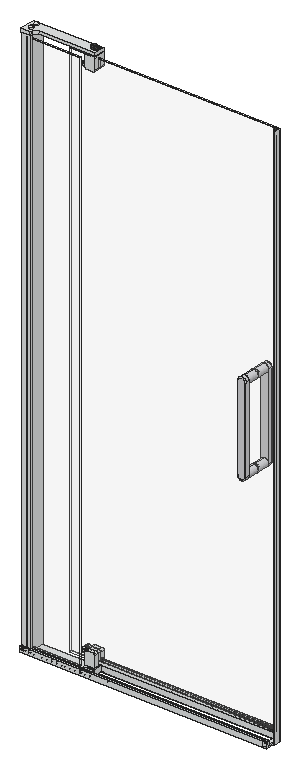
Revit family "Shower-Shower_Door-KOHLER-Revel-K-707501_1", category Specialty Equipment, host Face, Revit 2022 (continued)
Definition of nested family "K-707501"
  Automatic sketch dimensions
    curve 143 to curve 144 = 0"  (x2)
    curve 143 to curve 145 = 0"  (x2)
    curve 143 to curve 146 = 0"  (x2)
    curve 144 to curve 145 = 0"  (x2)
    curve 144 to curve 146 = 0"  (x2)
    curve 145 to curve 146 = 0"  (x2)
    curve 80 to plane 4 = 0"
    curve 74 to plane 14 = 0"
    plane 1 "Center (Front/Back)" to curve 94 = 0"
    curve 75 to plane 14 = 0"
    curve 78 to plane 27 = 0"
    curve 147 to plane 27 = 0"
    plane 15 to curve 135 = 0"
    plane 15 to curve 136 = 0"
    curve 150 to plane 29 = 0"
    curve 159 to plane 31 = 0"
    curve 153 to plane 30 = 0"
    curve 161 to plane 30 = 0"
    curve 152 to plane 30 = 0"
    plane 15 to curve 150 = 0"
    plane 19 "A" to curve 131 = 0.03673"
    plane 18 to curve 131 = 0.13423"
    plane 20 "B" to curve 116 = 0.03673"
    plane 18 to curve 116 = 0.13423"
    plane 18 to curve 128 = 0.03673"
    plane 18 to curve 123 = 0.03673"
    plane 18 to curve 108 = 0.03673"
    plane 18 to curve 119 = 0.03673"
    curve 118 to plane 18 = 0.03673"
    curve 109 to plane 18 = 0.03673"
    curve 130 to plane 18 = 0.03673"
    curve 124 to plane 18 = 0.03673"
    curve 125 to plane 19 "A" = 0.03673"
    curve 122 to curve 125 = 0.0975"
    plane 20 "B" to curve 112 = 0.03673"
    curve 110 to curve 112 = 0.0975"
    curve 81 to curve 81 = 0.09093"
    curve 85 to plane 5 = 61/256"
    curve 84 to plane 5 = 0.03"
    curve 83 to plane 5 = 0.03"
    plane 1 "Center (Front/Back)" to curve 102 = 0.02884"
    plane 5 to curve 102 = 0.76063"
    plane 20 "B" to curve 141 = 0.16284"
    curve 102 to curve 141 = 0.04852"
    curve 102 to curve 96 = 0.09966"
    curve 102 to curve 104 = 0.09966"
    curve 141 to curve 143 = 0.07988"
    curve 96 to curve 140 = 0.02874"
    curve 140 to curve 94 = 0.0001"
    curve 95 to curve 103 = 0.02884"
    curve 140 to curve 100 = 0.02895"
    plane 1 "Center (Front/Back)" to curve 103 = 0.02884"
    curve 103 to curve 103 = 0.09966"
    plane 1 "Center (Front/Back)" to curve 142 = 0.04856"
    curve 142 to plane 27 = 0.23277"
    curve 157 to plane 31 = 0.03365"
    plane 31 to curve 158 = 0.01322"
    plane 31 to curve 156 = 0.02423"
    curve 156 to curve 154 = 0.00633"
    curve 155 to curve 153 = 0.05885"
    plane 31 to curve 155 = 0.08389"
    plane 1 "Center (Front/Back)" to curve 160 = 0.00425"
    curve 155 to curve 160 = 0.02009"
    plane 31 to curve 162 = 0.15086"
    curve 163 to curve 163 = 0.02441"
    curve 148 to plane 30 = 0.05767"
    curve 147 to plane 30 = 0.05767"
    curve 80 to curve 79 = 0.1652"
    curve 84 to plane 15 = 0.4581"
    curve 84 to curve 85 = 0.11575"
    curve 130 to curve 129 = 0.0975"
    plane 19 "A" to curve 130 = 0.03673"
    curve 127 to plane 19 "A" = 0.03673"
    curve 120 to curve 121 = 0.0975"
    plane 1 "Center (Front/Back)" to curve 162 = 0.18411"
    curve 163 to curve 148 = 0.02361"
    curve 104 to curve 104 = 0.09966"
    curve 101 to plane 1 "Center (Front/Back)" = 0.02884"
    curve 96 to plane 1 "Center (Front/Back)" = 0.02884"
    curve 96 to curve 140 = 0.00248"
    curve 155 to plane 1 "Center (Front/Back)" = 0.09118"
    curve 99 to curve 97 = 0.09966"
    curve 155 to curve 154 = 0.06544"
    curve 154 to curve 156 = 0.00927"
    curve 111 to plane 20 "B" = 0.13423"
    curve 158 to plane 20 "B" = 0.03683"
    curve 114 to plane 20 "B" = 0.03673"
    curve 119 to plane 20 "B" = 0.03673"
    curve 158 to curve 157 = 0.0175"
    curve 108 to curve 108 = 0.0975"
    curve 141 to curve 144 = 0.00699"
    curve 88 to curve 81 = 0.00607"
    plane 5 to curve 87 = 0.27052"
    plane 5 to curve 74 = 0.38638"
    curve 94 to curve 102 = 0.2311"
    curve 92 to curve 102 = 0.08693"
    plane 20 "B" to curve 141 = 0.01706"
    curve 74 to curve 141 = 0.00276"
    curve 140 to curve 141 = 0"
    curve 143 to curve 141 = 0.01712"
    curve 141 to curve 144 = 0.00256"
    curve 146 to curve 75 = 0.02854"
    plane 1 "Center (Front/Back)" to curve 142 = 0.13925"
    curve 75 to plane 27 = 0.1683"
    curve 89 to plane 27 = 0.04478"
    curve 135 to plane 19 "A" = 0.21563"
    curve 135 to plane 6 "K" = 0.49213"
    curve 132 to plane 20 "B" = 0.11924"
    curve 132 to plane 6 "K" = 0.49213"
    curve 138 to plane 6 "K" = 0.49213"
    plane 6 "K" to curve 136 = 0.49213"
    curve 134 to curve 136 = 0"
    plane 6 "K" to curve 138 = 0.49213"
    curve 156 to plane 29 = 0.05792"
    curve 156 to curve 139 = 0.00498"
    curve 163 to curve 161 = 0.0027"
    plane 30 to curve 162 = 0.01307"
    curve 136 to curve 137 = 0.05765"
    curve 137 to curve 151 = 0.2007"
    curve 151 to curve 152 = 0.06438"
    curve 87 to curve 90 = 0.123"
    curve 89 to curve 87 = 0.11678"
    curve 162 to plane 19 "A" = 0.03474"
    curve 162 to curve 161 = 0.0941"
    curve 77 to curve 148 = 0.17575"
    curve 150 to plane 19 "A" = 0.21563"
    curve 136 to plane 19 "A" = 0.21563"
    curve 76 to curve 148 = 0.06517"
    curve 76 to plane 14 = 0.19046"
    curve 133 to plane 14 = 0.19046"
    curve 134 to plane 14 = 0.19046"
    plane 12 to curve 138 = 0.51403"
    curve 35 to curve 36 = 0"  (x2)
    plane 4 to curve 3 = 0"
    plane 4 to curve 5 = 0"
    curve 1 to plane 7 = 0"
    curve 4 to plane 16 = 0"
    curve 4 to plane 17 = 0"
    curve 3 to plane 8 = 0"
    curve 14 to plane 21 "C" = 0"
    curve 6 to plane 5 = 0"
    curve 5 to plane 5 = 0"
    curve 33 to plane 17 = 0"
    curve 13 to plane 16 = 0"
    curve 20 to plane 8 = 0"
    curve 23 to plane 7 = 0"
    curve 34 to plane 17 = 0"
    curve 15 to plane 16 = 0"
    curve 166 to plane 22 = 0"
    curve 17 to plane 30 = 0"
    curve 165 to plane 30 = 0"
    curve 149 to level = 0"
    curve 149 to plane 22 = 0"
    curve 167 to level = 0"
    curve 35 to plane 9 "D" = 0"
    curve 6 to plane 17 = 0"
    curve 14 to plane 5 = 0.03234"
    plane 9 "D" to curve 33 = 0.02692"
    plane 5 to curve 33 = 0.26228"
    curve 7 to plane 21 "C" = 0.03784"
    plane 5 to curve 7 = 0.28002"
    plane 9 "D" to curve 30 = 0.27933"
    curve 8 to curve 8 = 0.24016"
    curve 30 to plane 27 = 0.31124"
    curve 10 to plane 21 "C" = 0.03893"
    curve 10 to plane 27 = 0.28385"
    plane 9 "D" to curve 34 = 0.02692"
    plane 31 to curve 166 = 0.15086"
    plane 16 to curve 18 = 0.04195"
    plane 7 to curve 2 = 0.03277"
    plane 18 to curve 2 = 0.246"
    curve 2 to curve 1 = 0"  (x2)
    curve 1 to plane 18 = 0.246"
    curve 4 to plane 18 = 0.48083"
    curve 1 to curve 3 = 0.23863"
    plane 5 to curve 22 = 0.26706"
    curve 31 to curve 36 = 0.02188"
    plane 26 to curve 25 = 0.16051"
    plane 5 to curve 25 = 0.56409"
    plane 16 to curve 12 = 0.12358"
    curve 7 to curve 12 = 0.37288"
    curve 12 to curve 13 = 0"
    curve 25 to curve 24 = 23/256"
    curve 22 to curve 20 = 0.38688"
    curve 24 to curve 23 = 0"  (x2)
    curve 20 to curve 21 = 0"  (x2)
    curve 20 to plane 27 = 0.45049"
    curve 23 to curve 20 = 0"
    curve 13 to curve 11 = 0.40467"
    curve 13 to curve 12 = 0.00481"
    curve 24 to curve 25 = 23/256"
    curve 22 to plane 27 = 0.06361"
    curve 15 to plane 27 = 0.04478"
    curve 168 to plane 29 = 0.05794"
    curve 149 to plane 28 = 0.05484"
    curve 16 to level = 0.00013"
    curve 18 to curve 15 = 0.13054"
    plane 16 to curve 11 = 0.16295"
    curve 166 to curve 19 = 0.42563"
    plane 16 to curve 6 = 0.46758"
    curve 7 to curve 6 = 0"
    plane 21 "C" to curve 14 = 0.31068"
    curve 35 to plane 9 "D" = 0.16965"
    curve 22 to plane 8 = 0.13399"
    curve 21 to plane 8 = 0.07121"
    curve 24 to curve 25 = 0.063"
    Extrusion 1 sketch curve to level = 0"
    Extrusion 1 sketch curve to plane 15 = 0.06835"
    Extrusion 1 sketch curve to Extrusion 1 sketch curve = 0.0575"
    Extrusion 1 sketch curve to Extrusion 1 sketch curve = 0.00517"
    Extrusion 1 sketch curve to Extrusion 1 sketch curve = 0.01419"
    Extrusion 1 sketch curve to Extrusion 1 sketch curve = 0.06095"
    level to Extrusion 1 sketch curve = 1/16"
    Extrusion 1 sketch curve to plane 19 "A" = 0.24875"
    Extrusion 1 sketch curve to Extrusion 1 sketch curve = 0.0269"
    Extrusion 1 sketch curve to plane 14 = 0.11294"
    Extrusion 1 sketch curve to plane 14 = 0.10972"
    level to Extrusion 1 sketch curve = 0.0362"
    level to Extrusion 1 sketch curve = 0.1353"
    Extrusion 1 sketch curve to Extrusion 1 sketch curve = 0.18081"
    Extrusion 1 sketch curve to plane 16 = 0.14992"
    Extrusion 2 sketch curve to plane 15 = 0"
    Extrusion 2 sketch curve to plane 16 = 0"
    Extrusion 2 sketch curve to level = 0"
    Extrusion 2 sketch curve to Extrusion 2 sketch curve = 0.02565"
    Extrusion 2 sketch curve to Extrusion 2 sketch curve = 0.04849"
    Extrusion 2 sketch curve to plane 15 = 0.06835"
    Extrusion 2 sketch curve to Extrusion 2 sketch curve = 0.01986"
    Extrusion 2 sketch curve to Extrusion 2 sketch curve = 0.13"
    Extrusion 2 sketch curve to Extrusion 2 sketch curve = 0.03"
    Extrusion 2 sketch curve to Extrusion 2 sketch curve = 0.02306"
    level to Extrusion 2 sketch curve = 0.06"
    Extrusion 2 sketch curve to plane 19 "A" = 0.21563"
    Extrusion 2 sketch curve to level = 0.00012"
    Extrusion 2 sketch curve to Extrusion 2 sketch curve = 0.05002"
    Extrusion 2 sketch curve to Extrusion 2 sketch curve = 0.06012"
    Extrusion 2 sketch curve to Extrusion 2 sketch curve = 0.23886"
    Extrusion 2 sketch curve to Extrusion 2 sketch curve = 0.03927"
    Extrusion 3 sketch curve to plane 15 = 0"
    Extrusion 3 sketch curve to plane 16 = 0"
    plane 15 to Extrusion 3 sketch curve = 0.01592"
    Extrusion 3 sketch curve to Extrusion 3 sketch curve = 0.01926"
    Extrusion 3 sketch curve to plane 15 = 0.27398"
    Extrusion 3 sketch curve to Extrusion 3 sketch curve = 0.02839"
    level to Extrusion 3 sketch curve = 0.12718"
    Extrusion 3 sketch curve to Extrusion 3 sketch curve = 0.02873"
    Extrusion 3 sketch curve to Extrusion 3 sketch curve = 0.00215"
    Extrusion 3 sketch curve to Extrusion 3 sketch curve = 0.01786"
    Extrusion 3 sketch curve to Extrusion 3 sketch curve = 0.03964"
    level to Extrusion 3 sketch curve = 0.02652"
    Extrusion 3 sketch curve to plane 19 "A" = 0.24875"
    Extrusion 3 sketch curve to level = 0.00012"
    Extrusion 3 sketch curve to plane 20 "B" = 0.05137"
    Extrusion 3 sketch curve to plane 20 "B" = 0.04724"
    Extrusion 3 sketch curve to plane 20 "B" = 0.01862"
    level to Extrusion 3 sketch curve = 0.03588"
    Extrusion 3 sketch curve to Extrusion 3 sketch curve = 0.03586"
    Extrusion 3 sketch curve to Extrusion 3 sketch curve = 0.17605"
    plane 16 to Extrusion 3 sketch curve = 0.01936"
    Extrusion 4 sketch curve to plane 4 = 0"  (x3)
    Extrusion 4 sketch curve to Extrusion 4 sketch curve = 0.0602"  (x3)
    plane 18 to Extrusion 4 sketch curve = 0.07962"  (x2)
    Extrusion 4 sketch curve to plane 18 = 0.12868"
    Extrusion 4 sketch curve to Extrusion 4 sketch curve = 0.35216"
    Extrusion 4 sketch curve to plane 14 = 0.06541"
    Extrusion 4 sketch curve to plane 18 = 0.48463"
    Extrusion 4 sketch curve to Extrusion 4 sketch curve = 0.08028"
    Extrusion 4 sketch curve to plane 20 "B" = 0.05739"
    Extrusion 4 sketch curve to Extrusion 4 sketch curve = 0.06414"
    Extrusion 4 sketch curve to plane 19 "A" = 0.12285"
    Extrusion 4 sketch curve to plane 19 "A" = 0.05862"
    plane 19 "A" to Extrusion 4 sketch curve = 0.29112"
    Extrusion 4 sketch curve to Extrusion 4 sketch curve = 0.11575"
    Extrusion 4 sketch curve to plane 15 = 0.32135"
    Extrusion 4 sketch curve to Extrusion 4 sketch curve = 0.063"
    plane 18 to Extrusion 5 sketch curve = 0.07962"  (x2)
    Extrusion 5 sketch curve to plane 18 = 0.12868"
    Extrusion 5 sketch curve to plane 5 = 61/256"
    Extrusion 5 sketch curve to plane 5 = 0.03"  (x2)
    Extrusion 5 sketch curve to plane 15 = 0.4581"
    Extrusion 5 sketch curve to Extrusion 5 sketch curve = 0.11575"
    Extrusion 6 sketch curve to plane 14 = 0"
    Extrusion 6 sketch curve to plane 15 = 0.20009"
    Extrusion 6 sketch curve to plane 18 = 0.45693"
    Extrusion 6 sketch curve to Extrusion 6 sketch curve = 0.09093"
    Extrusion 6 sketch curve to Extrusion 6 sketch curve = 0.51584"
    Extrusion 6 sketch curve to Extrusion 6 sketch curve = 0.07427"
    Revolve 7 sketch curve to plane 7 = 0.10388"
    Revolve 7 sketch curve to Revolve 7 sketch curve = 0.03277"
    Revolve 7 sketch curve to Revolve 7 sketch curve = 0.17753"
    Revolve 7 sketch curve to plane 26 = 0.02929"
    Revolve 7 sketch curve to Revolve 7 sketch curve = 0.2419"
    Revolve 8 sketch curve to Revolve 8 sketch curve = 0.03277"
    Revolve 8 sketch curve to Revolve 8 sketch curve = 0.17753"
    Revolve 8 sketch curve to plane 7 = 0.10388"
    plane 26 to Revolve 8 sketch curve = 0.01062"
    Revolve 8 sketch curve to plane 26 = 0.13893"
    Extrusion 9 sketch curve to level = 0"
    Extrusion 9 sketch curve to plane 15 = 0.06835"
    Extrusion 9 sketch curve to Extrusion 9 sketch curve = 0.0575"
    Extrusion 9 sketch curve to Extrusion 9 sketch curve = 0.11628"
    Extrusion 9 sketch curve to Extrusion 9 sketch curve = 0.01"
    Extrusion 9 sketch curve to Extrusion 9 sketch curve = 0.0365"
    Extrusion 9 sketch curve to plane 16 = 0.00492"  (x2)
    Extrusion 9 sketch curve to Extrusion 9 sketch curve = 0.03091"
    Extrusion 9 sketch curve to Extrusion 9 sketch curve = 0.05911"
    Extrusion 9 sketch curve to Extrusion 9 sketch curve = 1/8"
    Extrusion 9 sketch curve to Extrusion 9 sketch curve = 0.04573"
    Extrusion 9 sketch curve to Extrusion 9 sketch curve = 0.27637"
    Extrusion 9 sketch curve to Extrusion 9 sketch curve = 0.06091"
    Extrusion 9 sketch curve to Extrusion 9 sketch curve = 0.04562"
    level to Extrusion 9 sketch curve = 1/16"
    Extrusion 9 sketch curve to plane 19 "A" = 0.24913"
    Extrusion 9 sketch curve to Extrusion 9 sketch curve = 1/32"
    Extrusion 9 sketch curve to plane 14 = 0.07674"
    level to Extrusion 9 sketch curve = 0.13559"
    level to Extrusion 9 sketch curve = 1/4"
    Extrusion 9 sketch curve to Extrusion 9 sketch curve = 0.05172"
    Extrusion 9 sketch curve to plane 16 = 0.14992"
    Extrusion 10 sketch curve to plane 21 "C" = 0.03784"
    plane 5 to Extrusion 10 sketch curve = 0.28002"
    Extrusion 10 sketch curve to Extrusion 10 sketch curve = 0.03852"
    Extrusion 10 sketch curve to Extrusion 10 sketch curve = 0.24016"
    Extrusion 10 sketch curve to plane 21 "C" = 0.03893"
    Extrusion 10 sketch curve to plane 27 = 0.28385"
    Extrusion 10 sketch curve to Extrusion 10 sketch curve = 0.03937"
    plane 16 to Extrusion 10 sketch curve = 0.16295"
    plane 1 "Center (Front/Back)" to Extrusion 11 sketch curve = 0.223"
    Extrusion 11 sketch curve to plane 20 "B" = 0.04449"
    plane 16 to Extrusion 11 sketch curve = 0.46758"
    Extrusion 11 sketch curve to plane 21 "C" = 0.5088"
    plane 5 to Extrusion 12 sketch curve = 0.29971"
    Extrusion 12 sketch curve to plane 21 "C" = 0.25831"
    Extrusion 12 sketch curve to Extrusion 12 sketch curve = 0.22047"
    Extrusion 12 sketch curve to plane 21 "C" = 0.03893"
    Extrusion 12 sketch curve to plane 27 = 0.28385"
    plane 16 to Extrusion 12 sketch curve = 0.46758"
    plane 20 "B" to Revolve 13 sketch curve = 0.069"
    plane 20 "B" to Revolve 13 sketch curve = 0.02888"
    Revolve 13 sketch curve to plane 20 "B" = 0.14723"
    Revolve 13 sketch curve to Revolve 13 sketch curve = 0.03917"  (x2)
    plane 1 "Center (Front/Back)" to Revolve 13 sketch curve = 0.097"
    Revolve 13 sketch curve to Revolve 13 sketch curve = 0.17611"
    Revolve 13 sketch curve to plane 5 = 0.03234"  (x2)
    Revolve 13 sketch curve to plane 19 "A" = 0.19948"
    Revolve 13 sketch curve to plane 5 = 0.18945"
    Revolve 13 sketch curve to Revolve 13 sketch curve = 0.1116"  (x2)
    Revolve 13 sketch curve to Revolve 13 sketch curve = 0.00353"  (x2)
    Revolve 13 sketch curve to Revolve 13 sketch curve = 0.138"
    Revolve 13 sketch curve to Revolve 13 sketch curve = 0"
    plane 5 to Extrusion 14 sketch curve = 0.48346"
    Extrusion 14 sketch curve to Extrusion 14 sketch curve = 0.10908"  (x7)
    Extrusion 14 sketch curve to Extrusion 14 sketch curve = 0.40681"
    Extrusion 14 sketch curve to Extrusion 14 sketch curve = 0"  (x2)
    plane 21 "C" to Extrusion 14 sketch curve = 0.69196"
    Extrusion 14 sketch curve to Extrusion 14 sketch curve = 0.06298"  (x6)
    Extrusion 14 sketch curve to Extrusion 14 sketch curve = 0.12596"  (x6)
    Revolve 15 sketch curve to plane 5 = 0"  (x2)
    plane 20 "B" to Revolve 15 sketch curve = 0.07592"
    plane 20 "B" to Revolve 15 sketch curve = 0.0358"
    Revolve 15 sketch curve to plane 20 "B" = 0.14031"
    Revolve 15 sketch curve to Revolve 15 sketch curve = 0.03917"  (x2)
    plane 1 "Center (Front/Back)" to Revolve 15 sketch curve = 0.09007"
    Revolve 15 sketch curve to Revolve 15 sketch curve = 0.17611"
    Revolve 15 sketch curve to Revolve 15 sketch curve = 0.04012"
    Revolve 15 sketch curve to plane 5 = 0.15711"
    Revolve 15 sketch curve to Revolve 15 sketch curve = 0.1116"  (x2)
    Revolve 15 sketch curve to Revolve 15 sketch curve = 0.00353"  (x2)
    Revolve 15 sketch curve to Revolve 15 sketch curve = 0.04117"
    Revolve 15 sketch curve to Revolve 15 sketch curve = 0.03191"
    plane 1 "Center (Front/Back)" to Extrusion 16 sketch curve = 0.1776"
    plane 1 "Center (Front/Back)" to Extrusion 16 sketch curve = 0.13662"
    Extrusion 16 sketch curve to Extrusion 16 sketch curve = 0.01969"
    plane 1 "Center (Front/Back)" to Extrusion 16 sketch curve = 0.097"
    Extrusion 16 sketch curve to plane 1 "Center (Front/Back)" = 0.019"
    Extrusion 16 sketch curve to plane 1 "Center (Front/Back)" = 0.135"
    Extrusion 16 sketch curve to Extrusion 16 sketch curve = 0.01577"
    Extrusion 16 sketch curve to Extrusion 16 sketch curve = 0.06816"
    Extrusion 16 sketch curve to Extrusion 16 sketch curve = 0.02029"
    Extrusion 16 sketch curve to plane 20 "B" = 0.06943"
    Extrusion 16 sketch curve to plane 20 "B" = 0.05981"
    Extrusion 16 sketch curve to plane 20 "B" = 0.04455"
    Extrusion 16 sketch curve to Extrusion 16 sketch curve = 0.00192"
    Extrusion 16 sketch curve to Extrusion 16 sketch curve = 0.02195"
    Extrusion 16 sketch curve to plane 20 "B" = 0.0158"
    plane 20 "B" to Extrusion 16 sketch curve = 0.02709"
    plane 20 "B" to Extrusion 16 sketch curve = 0.1554"
    Extrusion 16 sketch curve to Extrusion 16 sketch curve = 0.13668"
    Extrusion 16 sketch curve to plane 14 = 0.10279"
    plane 12 to Extrusion 16 sketch curve = 0.13751"
    level to Extrusion 16 sketch curve = 0.02205"
    plane 16 to Extrusion 16 sketch curve = 0.38094"
    plane 16 to Extrusion 16 sketch curve = 0.46758"
    Extrusion 16 sketch curve to Extrusion 16 sketch curve = 0.05297"
    Extrusion 16 sketch curve to Extrusion 16 sketch curve = 0.06092"
    Extrusion 16 sketch curve to Extrusion 16 sketch curve = 0.00797"
    Extrusion 16 sketch curve to Extrusion 16 sketch curve = 0.08"
    Extrusion 16 sketch curve to Extrusion 16 sketch curve = 0.0482"
    Extrusion 16 sketch curve to Extrusion 16 sketch curve = 0.00549"
    Extrusion 16 sketch curve to Extrusion 16 sketch curve = 0.13016"
    Extrusion 16 sketch curve to Extrusion 16 sketch curve = 0.17562"
    Extrusion 16 sketch curve to Extrusion 16 sketch curve = 0.03365"
    Extrusion 16 sketch curve to Extrusion 16 sketch curve = 0.22138"
    Extrusion 16 sketch curve to Extrusion 16 sketch curve = 0.42658"
    Extrusion 16 sketch curve to Extrusion 16 sketch curve = 0.04739"
    Extrusion 16 sketch curve to plane 21 "C" = 0.6411"
    Extrusion 16 sketch curve to Extrusion 16 sketch curve = 0"  (x4)
    Extrusion 16 sketch curve to plane 20 "B" = 0.00715"
    Extrusion 16 sketch curve to Extrusion 16 sketch curve = 0.00661"
    Extrusion 17 sketch curve to Extrusion 17 sketch curve = 0.03321"  (x2)
    plane 9 "D" to Extrusion 17 sketch curve = 0.02692"  (x2)
    Extrusion 17 sketch curve to plane 27 = 0.05882"
    plane 5 to Extrusion 17 sketch curve = 0.51469"
    plane 1 "Center (Front/Back)" to Extrusion 18 sketch curve = 0.22762"
    Extrusion 18 sketch curve to plane 20 "B" = 0.08637"
    plane 5 to Extrusion 19 sketch curve = 0.28196"
    plane 9 "D" to Extrusion 19 sketch curve = 0.02692"  (x2)
    Extrusion 19 sketch curve to Extrusion 19 sketch curve = 0.23273"
    Extrusion 19 sketch curve to plane 27 = 0.31124"
    plane 1 "Center (Front/Back)" to Extrusion 20 sketch curve = 0.1605"
    Extrusion 20 sketch curve to plane 5 = 2.07363"
    Extrusion 20 sketch curve to plane 1 "Center (Front/Back)" = 0.152"
    Extrusion 20 sketch curve to Extrusion 20 sketch curve = 0"
    Extrusion 20 sketch curve to Extrusion 20 sketch curve = 0.19516"
    plane 1 "Center (Front/Back)" to Extrusion 20 sketch curve = 0.00425"
    plane 31 to Extrusion 20 sketch curve = 0.10398"
    plane 23 to Extrusion 21 sketch curve = 0.06719"  (x4)
    plane 5 to Extrusion 21 sketch curve = 0.46627"
    Extrusion 21 sketch curve to plane 23 = 0.12174"  (x2)
    Extrusion 21 sketch curve to Extrusion 21 sketch curve = 0.10908"  (x7)
    plane 23 to Extrusion 21 sketch curve = 0.00422"  (x2)
    Extrusion 21 sketch curve to plane 22 = 0.12366"  (x2)
    Extrusion 21 sketch curve to Extrusion 21 sketch curve = 0.40862"
    Extrusion 21 sketch curve to Extrusion 21 sketch curve = 0"
    Extrusion 21 sketch curve to plane 23 = 0.05876"  (x4)
    Revolve 22 sketch curve to plane 11 = 0"
    plane 24 to Revolve 22 sketch curve = 0.24424"
    plane 12 to Revolve 22 sketch curve = 0.51403"
    Revolve 22 sketch curve to plane 1 "Center (Front/Back)" = 0.135"
    plane 1 "Center (Front/Back)" to Revolve 22 sketch curve = 0.097"
    Revolve 22 sketch curve to plane 15 = 0.05765"
    Revolve 22 sketch curve to plane 12 = 1.06078"
    Revolve 22 sketch curve to Revolve 22 sketch curve = 0.3937"
    plane 1 "Center (Front/Back)" to Revolve 23 sketch curve = 0.097"
    Revolve 23 sketch curve to plane 25 = 0.24424"
    Revolve 23 sketch curve to plane 1 "Center (Front/Back)" = 0.135"
    plane 12 to Revolve 23 sketch curve = 0.51403"
    Revolve 23 sketch curve to plane 15 = 0.05765"
    Revolve 23 sketch curve to plane 12 = 3.81668"
    Revolve 23 sketch curve to Revolve 23 sketch curve = 0.7874"
    Sweep 24 sketch curve to profile plane = 0"
    Sweep 24 sketch curve to profile plane = 0.03819"
    Sweep 24 sketch curve to Sweep 24 sketch curve = 0.03217"
    plane 1 "Center (Front/Back)" to Sweep 24 sketch curve = 1.47495"
    Sweep 24 sketch curve to Sweep 24 sketch curve = 0.48457"
    Extrusion 25 sketch curve to plane 25 = 0"
    Sweep 26 sketch curve to profile plane = 0"
    profile plane to Sweep 26 sketch curve = 0.03596"
    Sweep 26 sketch curve to Sweep 26 sketch curve = 0.04726"
    Sweep 26 sketch curve to plane 1 "Center (Front/Back)" = 2.10994"
    Sweep 26 sketch curve to Sweep 26 sketch curve = 0.47807"
    Extrusion 27 sketch curve to plane 25 = 0"
    Extrusion 27 sketch curve to plane 24 = 0"
    plane 1 "Center (Front/Back)" to Extrusion 28 sketch curve = 0"
    Extrusion 28 sketch curve to plane 27 = 0.68567"
    Masking region 1 sketch curve to Masking region 1 sketch curve = 0"  (x4)
    plane 18 to Masking region 1 sketch curve = 0"
    Masking region 1 sketch curve to plane 7 = 0"  (x2)
    Masking region 1 sketch curve to plane 5 = 0"
    Masking region 1 sketch curve to plane 26 = 0"
    Masking region 1 sketch curve to plane 16 = 0"  (x2)
    Masking region 1 sketch curve to plane 8 = 0"
    Masking region 1 sketch curve to plane 17 = 0"
    Masking region 1 sketch curve to plane 28 = 0"
    Masking region 1 sketch curve to level = 0"
    plane 18 to Masking region 1 sketch curve = 0.246"
    plane 7 to Masking region 1 sketch curve = 0.03277"
    Masking region 1 sketch curve to plane 18 = 0.246"
    plane 5 to Masking region 1 sketch curve = 0.26228"
    Masking region 1 sketch curve to plane 8 = 0.07121"  (x2)
    Masking region 1 sketch curve to Masking region 1 sketch curve = 0.00478"
    Masking region 1 sketch curve to Masking region 1 sketch curve = 0.28002"
    Masking region 1 sketch curve to Masking region 1 sketch curve = 0.03852"
    Masking region 1 sketch curve to Masking region 1 sketch curve = 0.11286"
    plane 7 to Masking region 1 sketch curve = 0.1409"  (x2)
    plane 5 to Masking region 1 sketch curve = 0.52953"
    plane 26 to Masking region 1 sketch curve = 0.16051"  (x2)
    Masking region 1 sketch curve to Masking region 1 sketch curve = 0.03457"  (x2)
    plane 26 to Masking region 1 sketch curve = 0.02092"  (x2)
    Masking region 1 sketch curve to Masking region 1 sketch curve = 0.01962"
    plane 26 to Masking region 1 sketch curve = 0.02431"
    Masking region 1 sketch curve to Masking region 1 sketch curve = 0.33436"
    Masking region 1 sketch curve to Masking region 1 sketch curve = 0.12442"
    Masking region 1 sketch curve to Masking region 1 sketch curve = 0.27402"
    Masking region 1 sketch curve to plane 27 = 0.45049"
    plane 16 to Masking region 1 sketch curve = 0.12358"
    Masking region 1 sketch curve to plane 27 = 0.44945"
    Masking region 1 sketch curve to Masking region 1 sketch curve = 0.04616"
    Masking region 1 sketch curve to Masking region 1 sketch curve = 0.02407"
    Masking region 1 sketch curve to Masking region 1 sketch curve = 23/256"
    Masking region 1 sketch curve to plane 27 = 0.17647"
    Masking region 1 sketch curve to plane 27 = 0.08415"
    Masking region 1 sketch curve to plane 27 = 0.06361"
    Masking region 1 sketch curve to plane 27 = 0.05882"
    Masking region 1 sketch curve to plane 27 = 0.04478"
    Masking region 1 sketch curve to Masking region 1 sketch curve = 0.12358"
    Masking region 1 sketch curve to Masking region 1 sketch curve = 0.03937"
    Masking region 1 sketch curve to Masking region 1 sketch curve = 0.30548"
    Masking region 1 sketch curve to Masking region 1 sketch curve = 0.09599"  (x2)
    Masking region 1 sketch curve to plane 7 = 0.10415"
    Masking region 2 sketch curve to Masking region 2 sketch curve = 0"  (x7)
    Masking region 2 sketch curve to level = 0"  (x2)
    Masking region 2 sketch curve to plane 15 = 0"  (x2)
    Masking region 2 sketch curve to plane 10 = 0"
    Masking region 2 sketch curve to plane 12 = 0"
    Masking region 2 sketch curve to plane 13 = 0"
    Masking region 2 sketch curve to plane 11 = 0"  (x2)
    Masking region 2 sketch curve to plane 8 = 0"
    Masking region 2 sketch curve to plane 19 "A" = 0"
    Masking region 2 sketch curve to plane 20 "B" = 0"
    Masking region 2 sketch curve to plane 7 = 0"  (x2)
    Masking region 2 sketch curve to plane 14 = 0"
    Masking region 2 sketch curve to level = 0.00012"
    level to Masking region 2 sketch curve = 0.01986"
    Masking region 2 sketch curve to Masking region 2 sketch curve = 0.0269"
    level to Masking region 2 sketch curve = 0.03588"
    Masking region 2 sketch curve to Masking region 2 sketch curve = 0.0331"
    Masking region 2 sketch curve to Masking region 2 sketch curve = 0.00251"
    Masking region 2 sketch curve to Masking region 2 sketch curve = 0.05002"
    Masking region 2 sketch curve to Masking region 2 sketch curve = 0.06012"
    Masking region 2 sketch curve to Masking region 2 sketch curve = 0.0053"
    level to Masking region 2 sketch curve = 0.21702"
    Masking region 2 sketch curve to Masking region 2 sketch curve = 0.03298"  (x2)
    Masking region 2 sketch curve to Masking region 2 sketch curve = 0.12887"
    Masking region 2 sketch curve to Masking region 2 sketch curve = 0.04783"
    Masking region 2 sketch curve to Masking region 2 sketch curve = 0.04523"
    Masking region 2 sketch curve to Masking region 2 sketch curve = 0.056"
    Masking region 2 sketch curve to Masking region 2 sketch curve = 0.112"
    Masking region 2 sketch curve to plane 16 = 0.06492"
    plane 16 to Masking region 2 sketch curve = 0.01936"
    Masking region 2 sketch curve to Masking region 2 sketch curve = 0.0226"
    Masking region 2 sketch curve to plane 14 = 0.01249"  (x4)
    plane 16 to Masking region 2 sketch curve = 0.12358"
    plane 14 to Masking region 2 sketch curve = 0.03695"  (x2)
    Masking region 2 sketch curve to Masking region 2 sketch curve = 0.65502"
    plane 21 "C" to Masking region 2 sketch curve = 0.37702"
    Masking region 2 sketch curve to plane 21 "C" = 0.278"
    Masking region 2 sketch curve to Masking region 2 sketch curve = 0.03937"
    Masking region 2 sketch curve to Masking region 2 sketch curve = 0.04189"
    Masking region 2 sketch curve to plane 15 = 0.05765"
    plane 25 to Masking region 2 sketch curve = 0.49008"
    Masking region 2 sketch curve to plane 14 = 0.06541"  (x3)
    plane 25 to Masking region 2 sketch curve = 0.49213"
    Masking region 2 sketch curve to plane 24 = 0.49213"  (x2)
    Masking region 2 sketch curve to plane 11 = 0.03937"
    Masking region 2 sketch curve to plane 11 = 0.03773"
    plane 9 "D" to Masking region 2 sketch curve = 0.27933"
    Masking region 2 sketch curve to plane 23 = 0.18476"
    Masking region 2 sketch curve to plane 22 = 0.06065"
    Masking region 2 sketch curve to plane 8 = 0.13399"
    Masking region 2 sketch curve to plane 7 = 0.10301"  (x2)
    plane 7 to Masking region 2 sketch curve = 0.03265"  (x3)
    Masking region 2 sketch curve to Masking region 2 sketch curve = 0.10825"
    plane 20 "B" to Masking region 2 sketch curve = 0.05679"
    plane 7 to Masking region 2 sketch curve = 0.17155"
    plane 20 "B" to Masking region 2 sketch curve = 0.03811"
    Masking region 2 sketch curve to Masking region 2 sketch curve = 0.03235"
    Masking region 2 sketch curve to Masking region 2 sketch curve = 0.063"
    plane 26 to Masking region 2 sketch curve = 0.03296"  (x2)
    plane 26 to Masking region 2 sketch curve = 0.02837"  (x2)
    plane 12 to Masking region 2 sketch curve = 0.51403"
    Masking region 2 sketch curve to Masking region 2 sketch curve = 0.05292"  (x2)
    Masking region 2 sketch curve to plane 14 = 0.07674"
    plane 20 "B" to Masking region 2 sketch curve = 0.00335"
    Masking region 2 sketch curve to plane 20 "B" = 0.01523"
    plane 1 "Center (Front/Back)" to Masking region 2 sketch curve = 0.23689"
    Masking region 2 sketch curve to Masking region 2 sketch curve = 0.03674"
    Masking region 2 sketch curve to plane 19 "A" = 0.27565"
    Masking region 2 sketch curve to Masking region 2 sketch curve = 0.06964"
    Masking region 2 sketch curve to Masking region 2 sketch curve = 0.08795"
    Masking region 2 sketch curve to Masking region 2 sketch curve = 0.03313"
    Masking region 2 sketch curve to Masking region 2 sketch curve = 0.03477"
    Masking region 2 sketch curve to plane 15 = 0.25835"  (x2)
    Masking region 2 sketch curve to Masking region 2 sketch curve = 0.2007"
    Masking region 2 sketch curve to plane 15 = 0.25635"
    Masking region 2 sketch curve to Masking region 2 sketch curve = 0.028"
    Masking region 2 sketch curve to Masking region 2 sketch curve = 0.0365"
    Masking region 2 sketch curve to plane 15 = 0.20009"
    Masking region 2 sketch curve to Masking region 2 sketch curve = 0.01419"
    Masking region 2 sketch curve to Masking region 2 sketch curve = 0.00901"
    Masking region 2 sketch curve to Masking region 2 sketch curve = 0.0575"
    Masking region 2 sketch curve to plane 15 = 0.06835"  (x2)
    plane 15 to Masking region 2 sketch curve = 0.01592"
    curve 42 to level = 0"
    curve 41 to plane 15 = 0"
    curve 40 to plane 16 = 0"
    curve 53 to plane 10 = 0"
    curve 55 to plane 10 = 0"
    curve 56 to plane 10 = 0"
    curve 54 to plane 10 = 0"
    curve 60 to plane 11 = 0"
    curve 57 to plane 11 = 0"
    curve 59 to plane 11 = 0"
    curve 58 to plane 11 = 0"
    curve 50 to plane 8 = 0"
    curve 64 to plane 7 = 0"
    curve 65 to plane 7 = 0"
    level to curve 38 = 1/4"
    curve 41 to curve 41 = 0.02565"
    curve 39 to plane 16 = 0.02306"
    curve 69 to plane 20 "B" = 0.00166"
    curve 69 to plane 7 = 0.10106"
    plane 7 to curve 67 = 0.03265"
    curve 67 to plane 1 "Center (Front/Back)" = 0.07518"
    curve 38 to plane 15 = 0.25835"
    level to curve 44 = 0.06988"
    curve 44 to curve 44 = 0.06012"
    curve 44 to curve 43 = 0.13028"
    curve 43 to curve 41 = 0.12427"
    curve 40 to curve 38 = 0.04195"
    plane 16 to curve 45 = 0.12358"
    curve 46 to plane 14 = 0.01249"
    curve 45 to curve 46 = 0.65502"
    plane 21 "C" to curve 46 = 0.37702"
    curve 45 to plane 14 = 0.06541"
    curve 45 to plane 21 "C" = 0.278"
    curve 56 to plane 15 = 0.05765"
    plane 25 to curve 56 = 0.49008"
    curve 56 to curve 54 = 0"
    curve 53 to plane 14 = 0.06541"
    plane 25 to curve 53 = 0.49213"
    plane 25 to curve 55 = 0.49213"
    curve 57 to plane 14 = 0.06541"
    curve 57 to plane 24 = 0.49213"
    curve 60 to plane 15 = 0.05765"
    curve 60 to plane 24 = 0.49213"
    curve 60 to curve 59 = 0"
    curve 58 to plane 24 = 0.49213"
    curve 61 to plane 14 = 0.06541"
    plane 9 "D" to curve 61 = 0.27933"
    curve 62 to plane 14 = 0.01249"
    curve 62 to plane 23 = 0.18476"
    curve 62 to plane 22 = 0.06065"
    curve 61 to plane 8 = 0.13399"
    plane 7 to curve 66 = 0.03265"
    curve 71 to plane 20 "B" = 0.14018"
    plane 20 "B" to curve 69 = 0.05679"
    plane 20 "B" to curve 70 = 0.00355"
    curve 69 to curve 70 = 0.03235"
    curve 47 to plane 14 = 0.14569"
    curve 64 to plane 14 = 0.14464"
    curve 68 to curve 64 = 0"
    curve 37 to curve 47 = 0.03597"
    curve 63 to plane 14 = 0.06541"
    plane 12 to curve 55 = 0.51403"
    plane 12 to curve 58 = 0.51403"
    curve 48 to plane 20 "B" = 0.05739"
    curve 48 to curve 49 = 0.06414"
    plane 1 "Center (Front/Back)" to curve 71 = 0.23519"
    curve 71 to curve 64 = 0.0017"
    curve 64 to curve 66 = 0.06964"
    curve 65 to curve 66 = 0"
    curve 71 to curve 70 = 0.08965"
    curve 50 to plane 19 "A" = 0.12285"
    curve 51 to plane 19 "A" = 0.05862"
    plane 19 "A" to curve 65 = 0.24536"
    curve 66 to curve 65 = 0"
    curve 52 to plane 15 = 0.32135"
    curve 54 to curve 56 = 0.2007"
    curve 59 to curve 60 = 0.2007"
    curve 52 to curve 63 = 0.063"
    curve 43 to plane 15 = 0.06835"
    curve 44 to plane 15 = 0.06835"
    Masking region 3 sketch curve to plane 14 = 0"  (x3)
    Masking region 3 sketch curve to plane 27 = 0"  (x2)
    plane 15 to Masking region 3 sketch curve = 0"  (x2)
    plane 12 to Masking region 3 sketch curve = 0"
    plane 13 to Masking region 3 sketch curve = 0"
    Masking region 3 sketch curve to plane 6 "K" = 0"
    Masking region 3 sketch curve to plane 31 = 0"
    Masking region 3 sketch curve to plane 30 = 0"
    plane 5 to Masking region 3 sketch curve = 0.38638"
    plane 14 to Masking region 3 sketch curve = 0.03695"  (x2)
    Masking region 3 sketch curve to Masking region 3 sketch curve = 0.3937"
    Masking region 3 sketch curve to Masking region 3 sketch curve = 0.23449"
    Masking region 3 sketch curve to plane 27 = 0.1683"
    Masking region 3 sketch curve to plane 19 "A" = 0.21563"
    Masking region 3 sketch curve to plane 6 "K" = 0.49213"  (x3)
    Masking region 3 sketch curve to Masking region 3 sketch curve = 0.03693"
    Masking region 3 sketch curve to plane 13 = 0.05243"
    plane 6 "K" to Masking region 3 sketch curve = 0.4397"
    plane 12 to Masking region 3 sketch curve = 0.03693"
    plane 6 "K" to Masking region 3 sketch curve = 0.4552"
    plane 1 "Center (Front/Back)" to Masking region 3 sketch curve = 0.1776"
    plane 6 "K" to Masking region 3 sketch curve = 0.49213"
    Masking region 3 sketch curve to Masking region 3 sketch curve = 0.05243"
    plane 30 to Masking region 3 sketch curve = 0.03753"
    Masking region 3 sketch curve to plane 20 "B" = 0.03683"
    Masking region 3 sketch curve to plane 28 = 0.06578"
    Masking region 3 sketch curve to plane 28 = 0.03401"
    Masking region 3 sketch curve to plane 20 "B" = 0.00182"
    Masking region 3 sketch curve to plane 28 = 0.0305"
    plane 15 to Masking region 3 sketch curve = 0.03852"
    Masking region 3 sketch curve to plane 19 "A" = 0.03474"
    Masking region 3 sketch curve to Masking region 3 sketch curve = 0.03702"
    Masking region 3 sketch curve to Masking region 3 sketch curve = 0.05707"
    Masking region 3 sketch curve to Masking region 3 sketch curve = 0.15865"  (x2)
    Masking region 3 sketch curve to plane 1 "Center (Front/Back)" = 0.10898"
    Masking region 3 sketch curve to Masking region 3 sketch curve = 0.19046"
    Masking region 3 sketch curve to plane 14 = 0.19046"
    Extrusion 29 sketch curve to Extrusion 29 sketch curve = 0"  (x5)
    plane 20 "B" to Extrusion 29 sketch curve = 0.16284"
    Extrusion 29 sketch curve to plane 27 = 0.76566"
    Extrusion 29 sketch curve to plane 1 "Center (Front/Back)" = 0.03132"
    Extrusion 29 sketch curve to Extrusion 29 sketch curve = 0.07988"
    plane 1 "Center (Front/Back)" to Extrusion 29 sketch curve = 0.04856"
    Extrusion 29 sketch curve to plane 27 = 0.23277"
    Extrusion 29 sketch curve to plane 14 = 0.07796"
    Extrusion 30 sketch curve to Extrusion 30 sketch curve = 0"  (x2)
    plane 20 "B" to Extrusion 30 sketch curve = 0.16983"
    Extrusion 30 sketch curve to plane 27 = 0.68578"
    plane 18 to Extrusion 33 sketch curve = 0.07962"  (x2)
    Extrusion 33 sketch curve to plane 18 = 0.12868"
    Extrusion 33 sketch curve to plane 15 = 0.25835"
    Extrusion 33 sketch curve to plane 15 = 0.4581"
    Extrusion 33 sketch curve to Extrusion 33 sketch curve = 0.11575"
    Extrusion 33 sketch curve to plane 14 = 0.06541"
    Extrusion 34 sketch curve to level = 0"
    Extrusion 34 sketch curve to plane 15 = 0"
    Extrusion 34 sketch curve to plane 16 = 0"
    level to Extrusion 34 sketch curve = 1/4"
    Extrusion 34 sketch curve to plane 15 = 0.25835"
    Extrusion 34 sketch curve to plane 20 "B" = 0.01862"
    Extrusion 35 sketch curve to plane 28 = 0.0305"
    Extrusion 35 sketch curve to plane 28 = 0.03401"
    Extrusion 35 sketch curve to Extrusion 35 sketch curve = 0.03177"
    plane 30 to Extrusion 35 sketch curve = 0.03753"
    plane 30 to Extrusion 35 sketch curve = 0.01307"
    Extrusion 35 sketch curve to plane 30 = 11/64"
    Extrusion 35 sketch curve to Extrusion 35 sketch curve = 0.00967"
    plane 31 to Extrusion 35 sketch curve = 0.16509"
    Extrusion 35 sketch curve to Extrusion 35 sketch curve = 0.02441"
    plane 31 to Extrusion 35 sketch curve = 0.08389"
    Extrusion 35 sketch curve to plane 20 "B" = 0.03683"  (x2)
    plane 31 to Extrusion 35 sketch curve = 0.07207"
    plane 31 to Extrusion 35 sketch curve = 0.03056"
    Extrusion 35 sketch curve to Extrusion 35 sketch curve = 0.00633"
    plane 31 to Extrusion 35 sketch curve = 0.01322"
    Extrusion 35 sketch curve to plane 31 = 0.03365"
    Extrusion 35 sketch curve to plane 29 = 0.05794"
    Extrusion 35 sketch curve to Extrusion 35 sketch curve = 0.11878"
    Extrusion 35 sketch curve to Extrusion 35 sketch curve = 0.00927"
    Extrusion 35 sketch curve to Extrusion 35 sketch curve = 0.06544"
    plane 1 "Center (Front/Back)" to Extrusion 35 sketch curve = 0.1617"
    Extrusion 35 sketch curve to plane 19 "A" = 0.07176"
    Extrusion 35 sketch curve to plane 19 "A" = 0.03474"
    Extrusion 35 sketch curve to plane 20 "B" = 0.03232"
    Revolve 36 sketch curve to plane 26 = 0"
    Revolve 36 sketch curve to plane 8 = 0.07121"
    plane 5 to Revolve 36 sketch curve = 0.26706"
    plane 7 to Revolve 36 sketch curve = 0.1409"
    plane 5 to Revolve 36 sketch curve = 0.52953"
    plane 26 to Revolve 36 sketch curve = 0.16051"
    Revolve 36 sketch curve to Revolve 36 sketch curve = 0.03457"
    plane 26 to Revolve 36 sketch curve = 0.02391"
    Revolve 36 sketch curve to Revolve 36 sketch curve = 0.0192"
    plane 26 to Revolve 36 sketch curve = 0.02777"
    Revolve 36 sketch curve to Revolve 36 sketch curve = 0.38688"
    Revolve 36 sketch curve to Revolve 36 sketch curve = 0.0629"
    Revolve 36 sketch curve to Revolve 36 sketch curve = 0.23519"
    Revolve 36 sketch curve to plane 8 = 0.13399"
    plane 26 to Revolve 36 sketch curve = 0.0456"
    Revolve 36 sketch curve to Revolve 36 sketch curve = 0"  (x2)
    Revolve 36 sketch curve to plane 26 = 0.2969"
    Extrusion 37 sketch curve to plane 8 = 0.13399"
    Extrusion 37 sketch curve to Extrusion 37 sketch curve = 0.03321"  (x2)
    Extrusion 37 sketch curve to plane 27 = 0.05882"
    plane 5 to Extrusion 37 sketch curve = 0.26228"
    radius of curve 95 = 0.32504"
    radius of Extrusion 14 sketch curve = 0.18898"  (x2)
    radius of Extrusion 21 sketch curve = 0.18898"  (x2)
    radius of Extrusion 28 sketch curve = 0.23622"
    radius of Extrusion 30 sketch curve = 0.07731"
    radius of Extrusion 30 sketch curve = 0.097"
Types (7): name | Type | Secondary Finish | Product Page URL | Product Documentation Link | Model | Handle Finish | Finish | Description
  (no name) | 3 | Kohler-Glass-L-Crystal_Clear | "http://www.us.kohler.com/us/catalog/productDetails.jsp?productId=707501-L" | "https://www.us.kohler.com/webassets/kpna/catalog/pdf/en/K-707501-L_spec_US-CA_Kohler_en.pdf" | "K-707501-L-SHP" | Kohler-Metal-CP-Polished_Chrome | Kohler-Metal-SHP-Bright_Polished_Silver | "Pivot shower door, 70 inch H x 27-5/16 - 31-1/8 inch W, with 5/16 inch thick Crystal Clear glass"
  Clear Glass, ABZ-Anodized Dark Bronze | 1 | Kohler-Glass-L-Crystal_Clear | "http://www.us.kohler.com/us/catalog/productDetails.jsp?productId=707501-L" | "https://www.us.kohler.com/webassets/kpna/catalog/pdf/en/K-707501-L_spec_US-CA_Kohler_en.pdf" | "K-707501-L-ABZ" | Kohler-Metal-BL-Matte_Black | Kohler-Metal-ABZ-Anodized_Dark_Bronze | "Pivot shower door, 70 inch H x 27-5/16 - 31-1/8 inch W, with 5/16 inch thick Crystal Clear glass"
  Clear Glass, BNK-Anodized Brushed Nickel | 2 | Kohler-Glass-L-Crystal_Clear | "http://www.us.kohler.com/us/catalog/productDetails.jsp?productId=707501-L" | "https://www.us.kohler.com/webassets/kpna/catalog/pdf/en/K-707501-L_spec_US-CA_Kohler_en.pdf" | "K-707501-L-BNK" | Kohler-Metal-BN-Vibrant_Brushed_Nickel | Kohler-Metal-BNK-Anodized_Brushed_Nickel | "Pivot shower door, 70 inch H x 27-5/16 - 31-1/8 inch W, with 5/16 inch thick Crystal Clear glass"
  Clear Glass, SHP-Bright Polished Silver | 3 | Kohler-Glass-L-Crystal_Clear | "http://www.us.kohler.com/us/catalog/productDetails.jsp?productId=707501-L" | "https://www.us.kohler.com/webassets/kpna/catalog/pdf/en/K-707501-L_spec_US-CA_Kohler_en.pdf" | "K-707501-L-SHP" | Kohler-Metal-CP-Polished_Chrome | Kohler-Metal-SHP-Bright_Polished_Silver | "Pivot shower door, 70 inch H x 27-5/16 - 31-1/8 inch W, with 5/16 inch thick Crystal Clear glass"
  Frosted Glass, ABZ-Anodized Dark Bronze | 4 | KOHLER-Frosted_Glass | "http://www.us.kohler.com/us/catalog/productDetails.jsp?productId=707501-D3" | "https://www.us.kohler.com/webassets/kpna/catalog/pdf/en/K-707501-D3_spec_US-CA_Kohler_en.pdf" | "K-707501-D3-ABZ" | Kohler-Metal-BL-Matte_Black | Kohler-Metal-ABZ-Anodized_Dark_Bronze | "Pivot shower door, 70 inch H x 27-5/16 - 31-1/8 inch W, with 5/16 inch thick Frosted glass"
  Frosted Glass, BNK-Anodized Brushed Nickel | 5 | KOHLER-Frosted_Glass | "http://www.us.kohler.com/us/catalog/productDetails.jsp?productId=707501-D3" | "https://www.us.kohler.com/webassets/kpna/catalog/pdf/en/K-707501-D3_spec_US-CA_Kohler_en.pdf" | "K-707501-D3-BNK" | Kohler-Metal-BN-Vibrant_Brushed_Nickel | Kohler-Metal-BNK-Anodized_Brushed_Nickel | "Pivot shower door, 70 inch H x 27-5/16 - 31-1/8 inch W, with 5/16 inch thick Frosted glass"
  Frosted Glass, SHP-Bright Polished Silver | 6 | KOHLER-Frosted_Glass | "http://www.us.kohler.com/us/catalog/productDetails.jsp?productId=707501-D3" | "https://www.us.kohler.com/webassets/kpna/catalog/pdf/en/K-707501-D3_spec_US-CA_Kohler_en.pdf" | "K-707501-D3-SHP" | Kohler-Metal-CP-Polished_Chrome | Kohler-Metal-SHP-Bright_Polished_Silver | "Pivot shower door, 70 inch H x 27-5/16 - 31-1/8 inch W, with 5/16 inch thick Frosted glass"
